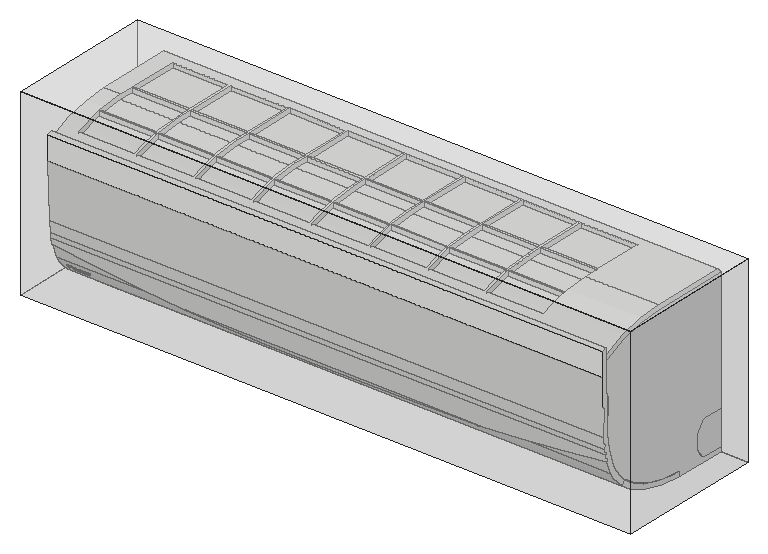
Revit family "outputfile", category 機械設備, Revit 2024
Family settings
  丸型コネクタ寸法 = 半径を使用
  パーツ タイプ = 標準
  OmniClass 番号 = 23.75.10.24.21.27.27
  OmniClass タイトル = Split System Air Conditioning Units
  作業面ベース = いいえ
  常に垂直 = はい
  ロード時にボイドで切り取り = いいえ
  注釈の向きを維持 = いいえ
  共有 = いいえ
  部屋計算ポイント = いいえ
Parameters (values of type "FTKM50Q2VMA")
  書き出し IFC クラス(タイプ) = "IfcUnitaryEquipmentType"
  定義済み IFC タイプ(タイプ) = "AIRCONDITIONINGUNIT"
  Cost = 0
  Type Comments = ""
  Keynote = ""
  Type Image = (empty or 0)
  Assembly Code = ""
  w_wall hole = if(Width = 770.0 mm, 48.0 mm, 60.0 mm)  # 60.0 mm
  製造元 = "Daikin"
  モデル = "FTKM50Q2VMA"
  switch_frequency = yes
  r_Liquid Pipe Size = Liquid Pipe Size / 2  # 3.2 mm
  r_Gas Pipe Size = Gas Pipe Size / 2  # 6.35 mm
  r_Drain Pipe Size = Drain Pipe Size / 2  # 8.0 mm
  lw_powersupply [instance] = if(Width = 770.0 mm, if(or(Rear Right Connection_refrigerant, Bottom Right Connection_refrigerant), 25.0 mm, if(or(Rear Left Connection_refrigerant, Bottom Left Connection_refrigerant), 745.0 mm, 400.0 mm)), if(Width = 990.0 mm, if(or(Rear Right Connection_refrigerant, Bottom Right Connection_refrigerant), 40.0 mm, if(or(Rear Left Connection_refrigerant, Bottom Left Connection_refrigerant), 920.0 mm, 400.0 mm)), if(or(Rear Right Connection_refrigerant, Bottom Right Connection_refrigerant), 40.0 mm, if(or(Rear Left Connection_refrigerant, Bottom Left Connection_refrigerant), 920.0 mm, 400.0 mm))))  # 400.0 mm
  lw_liquidpipe [instance] = if(Width = 770.0 mm, if(or(Rear Right Connection_refrigerant, Bottom Right Connection_refrigerant), 0.0 mm, if(or(Rear Left Connection_refrigerant, Bottom Left Connection_refrigerant), 664.0 mm, 385.0 mm)), if(Width = 990.0 mm, if(or(Rear Right Connection_refrigerant, Bottom Right Connection_refrigerant), 0.0 mm, if(or(Rear Left Connection_refrigerant, Bottom Left Connection_refrigerant), 664.0 mm + (990.0 mm - 770.0 mm), 475.0 mm)), if(or(Rear Right Connection_refrigerant, Bottom Right Connection_refrigerant), 0.0 mm, if(or(Rear Left Connection_refrigerant, Bottom Left Connection_refrigerant), 664.0 mm + (990.0 mm - 770.0 mm), 475.0 mm))))  # 475.0 mm
  lw_gaspipe [instance] = if(Width = 770.0 mm, if(or(Rear Right Connection_refrigerant, Bottom Right Connection_refrigerant), 0.0 mm, if(or(Rear Left Connection_refrigerant, Bottom Left Connection_refrigerant), 675.0 mm, if(Gas Pipe Size = 12.7 mm, 345.0 mm, 335.0 mm))), if(Width = 990.0 mm, if(or(Rear Right Connection_refrigerant, Bottom Right Connection_refrigerant), 10.0 mm, if(or(Rear Left Connection_refrigerant, Bottom Left Connection_refrigerant), 890.0 mm, if(Gas Pipe Size = 15.9 mm, 410.0 mm, 400.0 mm))), if(or(Rear Right Connection_refrigerant, Bottom Right Connection_refrigerant), 10.0 mm, if(or(Rear Left Connection_refrigerant, Bottom Left Connection_refrigerant), 890.0 mm, if(Gas Pipe Size = 15.9 mm, 410.0 mm, 400.0 mm)))))  # 400.0 mm
  lw_drainpipe [instance] = if(Width = 770.0 mm, if(or(Rear Right Connection_refrigerant, Bottom Right Connection_refrigerant), 0.0 mm, if(or(Rear Left Connection_refrigerant, Bottom Left Connection_refrigerant), 770.0 mm - 48.0 mm - 48.0 mm, 440.0 mm)), if(Width = 990.0 mm, if(or(Rear Right Connection_refrigerant, Bottom Right Connection_refrigerant), 0.0 mm, if(or(Rear Left Connection_refrigerant, Bottom Left Connection_refrigerant), 675.0 mm + (990.0 mm - 770.0 mm), 435.0 mm)), if(or(Rear Right Connection_refrigerant, Bottom Right Connection_refrigerant), 0.0 mm, if(or(Rear Left Connection_refrigerant, Bottom Left Connection_refrigerant), 675.0 mm + (990.0 mm - 770.0 mm), 435.0 mm))))  # 435.0 mm
  l_powersupply_length [instance] = if(Width = 770.0 mm, if(Right Connection_refrigerant, 400.0 mm, if(Left Connection_refrigerant, 770.0 mm - 400.0 mm, if(or(Rear Left Connection_refrigerant, Rear Right Connection_refrigerant), 15.0 mm, 50.0 mm))), if(Width = 990.0 mm, if(Right Connection_refrigerant, 400.0 mm, if(Left Connection_refrigerant, 990.0 mm - 400.0 mm, if(or(Rear Left Connection_refrigerant, Rear Right Connection_refrigerant), 15.0 mm, 50.0 mm))), if(Right Connection_refrigerant, 400.0 mm, if(Left Connection_refrigerant, 990.0 mm - 400.0 mm, if(or(Rear Left Connection_refrigerant, Rear Right Connection_refrigerant), 15.0 mm, 50.0 mm)))))  # 400.0 mm
  l_liquidpipe_length [instance] = if(Width = 770.0 mm, if(Right Connection_refrigerant, 433.0 mm, if(Left Connection_refrigerant, 337.0 mm, if(or(Rear Left Connection_refrigerant, Rear Right Connection_refrigerant), 30.0 mm, 40.0 mm))), if(Width = 990.0 mm, if(Right Connection_refrigerant, 535.0 mm, if(Left Connection_refrigerant, 455.0 mm, if(or(Rear Left Connection_refrigerant, Rear Right Connection_refrigerant), 30.0 mm, 40.0 mm))), if(Right Connection_refrigerant, 535.0 mm, if(Left Connection_refrigerant, 455.0 mm, if(or(Rear Left Connection_refrigerant, Rear Right Connection_refrigerant), 30.0 mm, 40.0 mm)))))  # 535.0 mm
  l_gaspipe_length [instance] = if(Width = 770.0 mm, if(Right Connection_refrigerant, if(Gas Pipe Size = 12.7 mm, 393.0 mm, 383.0 mm), if(Left Connection_refrigerant, if(Gas Pipe Size = 12.7 mm, 770.0 mm - 393.0 mm, 770.0 mm - 383.0 mm), if(or(Rear Left Connection_refrigerant, Rear Right Connection_refrigerant), 40.0 mm, 50.0 mm))), if(Width = 990.0 mm, if(Right Connection_refrigerant, if(Gas Pipe Size = 15.9 mm, 470.0 mm, 460.0 mm), if(Left Connection_refrigerant, if(Gas Pipe Size = 15.9 mm, 990.0 mm - 470.0 mm, 990.0 mm - 460.0 mm), if(or(Rear Left Connection_refrigerant, Rear Right Connection_refrigerant), 40.0 mm, 50.0 mm))), if(Right Connection_refrigerant, if(Gas Pipe Size = 15.9 mm, 470.0 mm, 460.0 mm), if(Left Connection_refrigerant, if(Gas Pipe Size = 15.9 mm, 990.0 mm - 470.0 mm, 990.0 mm - 460.0 mm), if(or(Rear Left Connection_refrigerant, Rear Right Connection_refrigerant), 40.0 mm, 50.0 mm)))))  # 460.0 mm
  l_drainpipe_length [instance] = if(Width = 770.0 mm, if(Right Connection_refrigerant, 488.0 mm, if(Left Connection_refrigerant, 282.0 mm, if(or(Rear Left Connection_refrigerant, Rear Right Connection_refrigerant), 15.0 mm, 20.0 mm))), if(Width = 990.0 mm, if(Right Connection_refrigerant, 495.0 mm, if(Left Connection_refrigerant, 495.0 mm, if(or(Rear Left Connection_refrigerant, Rear Right Connection_refrigerant), 15.0 mm, 20.0 mm))), if(Right Connection_refrigerant, 495.0 mm, if(Left Connection_refrigerant, 495.0 mm, if(or(Rear Left Connection_refrigerant, Rear Right Connection_refrigerant), 15.0 mm, 20.0 mm)))))  # 495.0 mm
  h*** = 0.0 mm  # constant formula
  connector_voltage = Voltage_50Hz  # 230 V
  connector_powerinput = [Power Input (Cooling)]  # 0.000 kW
  connector_phase = Phase_50Hz  # 1
  angle_vertical [instance] = if(or(Bottom Left Connection_refrigerant, Bottom Right Connection_refrigerant), 0.00°, 90.00°)  # 90.00°
  angle_horizontal [instance] = if(Right Connection_refrigerant, 90.00°, if(Left Connection_refrigerant, -90.00°, if(or(Rear Left Connection_refrigerant, Rear Right Connection_refrigerant), 180.00°, 0.00°)))  # 90.00°
  Width = 990.0 mm
  Voltage_comment_50Hz = "220 - 240"
  Voltage_50Hz = 230 V
  Version = "ver.1.0"
  Unit Type = "Wall Mounted"
  Unit Mass Weight = 13.00 kg
  Unit Designation [instance] = ""
  Uniclass2015Version = "Products v1.30"
  Uniclass2015Title = "Split coil room air conditioning units"
  Uniclass2015Code = "Pr_70_65_03_86"
  URL = ""
  Total Cooling Capacity [instance] = 0.000 kW
  Sound Pressure Level_M speed (dBA) = 40
  Sound Pressure Level_L speed (dBA) = 35
  Sound Pressure Level_H speed (dBA) = 45
  Sound Power Level_H speed (dB) = 0
  Series = "Single Split_Fan Coil Unit"
  Sensible Cooling Capacity [instance] = 0.000 kW
  Refrigerant Type = "R32"
  Power Input (Cooling) = 0.000 kW
  Phase_50Hz = 1
  Option Accessory 3 [instance] = ""
  Option Accessory 2 [instance] = ""
  Option Accessory 1 [instance] = ""
  Nominal Cooling Capacity = 5.000 kW
  Minimum Circuit Amps_50Hz = 0.0 A
  Minimum Airflow = 666.00 m³/h
  Median Airflow = 816.00 m³/h
  Maximum Fuse Amps_50Hz = 0.0 A
  Maximum Airflow = 960.00 m³/h
  Material_Casing = DAIKIN_PureWhite_Casing_indoorunit
  Load Classification = HVAC
  Liquid Pipe Size = 6.4 mm
  Link_Nested Family [instance] = ""
  IfcVersion = ""
  IfcExportType = "AIRCONDITIONINGUNIT"
  IfcExportAs = "IfcUnitaryEquipmentType"
  Height = 295.0 mm
  Heat Exchanger Type = "Cross Fin Coil"
  Gas Pipe Size = 12.7 mm
  Frequency_50Hz = 50 Hz
  Fan Type = "Cross Flow Fan"
  Fan Drive = "Direct Drive"
  FCU Tag No. [instance] = ""
  Drain Pipe Size = 16.0 mm
  Design Supply Airflow [instance] = 0.00 m³/h
  Description = ""
  Depth = 263.0 mm
  既定の高さ = 0.0 mm
  Cooling Entering Wet Bulb Temperature [instance] = 0.00 °C
  Cooling Entering Dry Bulb Temperature [instance] = 0.00 °C
  Cooling Ambient Wet Bulb Temperature [instance] = 0.00 °C
  Cooling Ambient Dry Bulb Temperature [instance] = 0.00 °C
  Clearance visibility [instance] = yes
  Clearance Top = 30.0 mm
  Clearance Right = 50.0 mm
  Clearance Rear = 0.0 mm
  Clearance Left = 50.0 mm
  Clearance Front = 0.0 mm
  Clearance Bottom = 0.0 mm
  Bottom Right Connection_refrigerant [instance] = no
  Bottom Left Connection_refrigerant [instance] = no
  Rear Right Connection_refrigerant [instance] = no
  Rear Left Connection_refrigerant [instance] = no
  Right Connection_refrigerant [instance] = yes
  Left Connection_refrigerant [instance] = no
Reference planes
  plane 1 "Back": y = 0
  plane 2: z = 0
  plane 3 "Center (Left/Right)": x = 0
  plane 4 "Center (Front/Back)": y = -131.5
  plane 5 "Front": y = -263
  plane 6 "Left": x = -495
  plane 7 "Right": x = 495
  plane 8 "Top": z = 0
  plane 9 "Bottom": z = -295
  plane 10: x = -545
  plane 11: x = 545
  plane 12: y = 0
  plane 13: y = -263
  plane 14: z = 30
  plane 15: z = -295
  plane 16 "lw_Piping and Wiring intake": x = 435
  plane 17 "lw_gaspipe": x = 35
  plane 18 "lw_liquidpipe": x = -40
  plane 19 "lw_drainpipe": x = 0
  plane 20 "lh_drainpipe": z = -275
  plane 21 "lh_liquidpipe": z = -255
  plane 22 "lh_gaspipe": z = -245
  plane 23 "ld_drainpipe": y = -15
  plane 24 "ld_liquidpipe": y = -30
  plane 25 "ld_gaspipe": y = -40
  plane 26 "lw_powersupply": x = 95
Dimensions and locks
  equal spacing: plane 6 "Left", plane 3 "Center (Left/Right)", plane 7 "Right"
  "Width": plane 6 "Left" to plane 7 "Right"
  equal spacing: plane 5 "Front", plane 4 "Center (Front/Back)", plane 1 "Back"
  "Depth": plane 5 "Front" to plane 1 "Back"
  "Height": plane 8 "Top" to plane 9 "Bottom"
  "Clearance Rear": plane 12 to plane 1 "Back"
  "Clearance Front": plane 13 to plane 5 "Front"
  "Clearance Top": plane 14 to plane 8 "Top"
  "Clearance Bottom": plane 9 "Bottom" to plane 15
  "w_wall hole": plane 16 "lw_Piping and Wiring intake" to plane 7 "Right"
  "lw_gaspipe": plane 17 "lw_gaspipe" to plane 16 "lw_Piping and Wiring intake"
  "lw_liquidpipe": plane 18 "lw_liquidpipe" to plane 16 "lw_Piping and Wiring intake"
  "lw_drainpipe": plane 19 "lw_drainpipe" to plane 16 "lw_Piping and Wiring intake"
  locked: plane 20 "lh_drainpipe" to plane 9 "Bottom" at 20
  locked: plane 21 "lh_liquidpipe" to plane 9 "Bottom" at 40
  locked: plane 22 "lh_gaspipe" to plane 9 "Bottom" at 50
  locked: plane 23 "ld_drainpipe" to plane 1 "Back" at 15
  locked: plane 1 "Back" to plane 24 "ld_liquidpipe" at 30
  locked: plane 1 "Back" to plane 25 "ld_gaspipe" at 40
  "lw_powersupply": plane 26 "lw_powersupply" to plane 7 "Right"
  "Clearance Right": plane 7 "Right" to plane 11
  "Clearance Left": plane 10 to plane 6 "Left"
  aligned and locked: level to plane 2
  aligned and locked: plane 12 to nested 1
  aligned and locked: nested 1 to plane 13
  aligned and locked: plane 10 to nested 1
  aligned and locked: plane 11 to nested 1
  aligned and locked: plane 15 to nested 1
  aligned and locked: plane 14 to nested 1
  aligned and locked: plane 17 "lw_gaspipe" to nested 2
  aligned and locked: nested 2 to plane 25 "ld_gaspipe"
  aligned and locked: plane 18 "lw_liquidpipe" to nested 3
  aligned and locked: nested 3 to plane 24 "ld_liquidpipe"
  aligned and locked: plane 19 "lw_drainpipe" to nested 4
  aligned and locked: nested 4 to plane 23 "ld_drainpipe"
  aligned and locked: nested 5 to plane 23 "ld_drainpipe"
  aligned and locked: plane 26 "lw_powersupply" to nested 5
  aligned and locked: level to plane 8 "Top"
  aligned and locked: plane 3 "Center (Left/Right)" to nested 6
  aligned and locked: plane 1 "Back" to nested 6
  aligned and locked: plane 8 "Top" to nested 6
Nested families
  nested 1: "daikin_clearancespace" at (0, -131.5, -132.381), show <- "Clearance visibility", visible <- "Clearance visibility", Link_Nested Family <- "Link_Nested Family", type "daikin_clearancespace"
    with width 1090.0 mm, show yes, height 325.0 mm, depth 263.0 mm, Link_Nested Family ""
  nested 2: "daikin_connector_rotate3" at (35, -40, -245), angle_vertical <- "angle_vertical", angle_horizontal <- "angle_horizontal", length <- "l_gaspipe_length", radius <- "r_Gas Pipe Size", type "daikin_connector_rotate3"
    with show no, radius 6.35 mm, length 460.0 mm, angle_vertical 90.00°, angle_horizontal 90.00°
  nested 3: "daikin_connector_rotate3" at (-40, -30, -255), angle_vertical <- "angle_vertical", angle_horizontal <- "angle_horizontal", radius <- "r_Liquid Pipe Size", length <- "l_liquidpipe_length", type "daikin_connector_rotate3"
    with show no, radius 3.2 mm, length 535.0 mm, angle_vertical 90.00°, angle_horizontal 90.00°
  nested 4: "daikin_connector_rotate3" at (0, -15, -275), angle_vertical <- "angle_vertical", angle_horizontal <- "angle_horizontal", length <- "l_drainpipe_length", radius <- "r_Drain Pipe Size", type "daikin_connector_rotate3"
    with show no, radius 8.0 mm, length 495.0 mm, angle_vertical 90.00°, angle_horizontal 90.00°
  nested 5: "daikin_connector_rotate3" at (95, -15, -245), angle_vertical <- "angle_vertical", angle_horizontal <- "angle_horizontal", length <- "l_powersupply_length", type "daikin_connector_rotate3"
    with show no, radius 10.0 mm, length 400.0 mm, angle_vertical 90.00°, angle_horizontal 90.00°
  nested 6: "DAIKIN_indoorunit_FTKM-Q2VMA" at (-31, 0, 0), type "FTKM-Q2VMA"
    with switch_unit1_50-71 yes, switch_unit1_20-46 no, Width 990.0 mm, WALL HOLE-R 60.0 mm, WALL HOLE Size 80.0 mm, Height 295.0 mm
Connectors
  piping at (495, -40, -245), diameter 12.7, driven by "r_Gas Pipe Size"
    settings: on nested 2, index 1, connector inside diameter 609.6 mm, connector length 0.0 mm, flow factor 0, pipe flow 0.00 m³/h, pressure drop 0.0 Pa, fitting loss kfactor 0, connector angle 0.00°, fixture units 0, engagement length 0.0 mm, angle of deflection 0.00°, flow configuration 1, flow direction 2, fitting loss method 0, system type 29, joint type 0, gender type 0, connector reference index -1, connector utility 0, adjustable connector no, is connector primary yes, connector description "Refrigerant Gas Piping"
  piping at (495, -30, -255), diameter 6.4, driven by "r_Liquid Pipe Size"
    settings: on nested 3, index 2, connector inside diameter 609.6 mm, connector length 0.0 mm, flow factor 0, pipe flow 0.00 m³/h, pressure drop 0.0 Pa, fitting loss kfactor 0, connector angle 0.00°, fixture units 0, engagement length 0.0 mm, angle of deflection 0.00°, flow configuration 1, flow direction 1, fitting loss method 0, system type 29, joint type 0, gender type 0, connector reference index -1, connector utility 0, adjustable connector no, is connector primary no, connector description "Refrigerant Liquid Piping"
  piping at (495, -15, -275), diameter 16, driven by "r_Drain Pipe Size"
    settings: on nested 4, index 3, connector inside diameter 609.6 mm, connector length 0.0 mm, flow factor 0, pipe flow 0.00 m³/h, pressure drop 0.0 Pa, fitting loss kfactor 0, connector angle 0.00°, fixture units 0, engagement length 0.0 mm, angle of deflection 0.00°, flow configuration 1, flow direction 2, fitting loss method 4, system type 16, joint type 0, gender type 0, connector reference index -1, connector utility 0, adjustable connector no, is connector primary no, connector description "Condensate Drain Piping"
  electrical at (495, -15, -245), driven by "Load Classification", driven by "connector_powerinput", driven by "connector_voltage", driven by "connector_phase"
    settings: on nested 5, index 4, voltage 230 V, apparent load 0 VA, apparent load phase1 0 VA, apparent load phase2 0 VA, apparent load phase3 0 VA, power factor 1, load classification "HVAC", number of poles 1, system type 30, power factor state 1, is connector primary yes, connector utility no, sub classification motor no, connector description "Power Supply"
Definition of nested family "daikin_clearancespace"
  Parameters (values of type "daikin_clearancespace")
    Description = "daikin_clearancespace"
    width [instance] = 1823.963 mm
    show [instance] = yes
    material = none
    height [instance] = 1359.762 mm
    depth [instance] = 880.0 mm
    Default Elevation = 0.0 mm
    Link_Nested Family [instance] = ""
  Reference planes
    plane 1 "Center (Front/Back)": y = 0
    plane 2 "Center (Elevation)": z = -0.119
    plane 3 "Center (Left/Right)": x = 0
    plane 4: y = 440
    plane 5: y = -440
    plane 6 "Right": x = 911.982
    plane 7 "Left": x = -911.982
    plane 8 "Top": z = 679.762
    plane 9 "Bottom": z = -680
  Forms (mm)
    Extrusion 1, solid, material <- "material", visible <- "show"
      sketch origin (0, 0, 0) x (1, 0, 0) y (0, 1, 0)
        loop
          line (-911.982, 440) -> (-911.982, -440) -> (911.982, -440) -> (911.982, 440) -> (-911.982, 440)
      from -680 to 679.762
  Lines and regions (mm)
    symbolic lines, visible <- "show"
      curve 1: line (911.982, 440, 0) -> (-911.982, 440, 0)
      curve 2: line (-911.982, 440, 0) -> (-911.982, -440, 0)
      curve 3: line (-911.982, -440, 0) -> (911.982, -440, 0)
      curve 4: line (911.982, -440, 0) -> (911.982, 440, 0)
      curve 5: line (911.982, 0, 679.762) -> (-911.982, 0, 679.762)
      curve 6: line (911.982, 0, -680) -> (911.982, 0, 679.762)
      curve 7: line (-911.982, 0, -680) -> (911.982, 0, -680)
      curve 8: line (-911.982, 0, 679.762) -> (-911.982, 0, -680)
      curve 9: line (0, 440, 679.762) -> (0, -440, 679.762)
      curve 10: line (0, -440, 679.762) -> (0, -440, -680)
      curve 11: line (0, 440, -680) -> (0, 440, 679.762)
      curve 12: line (0, -440, -680) -> (0, 440, -680)
  Dimensions and locks
    "width": plane 7 "Left" to plane 6 "Right"
    "depth": plane 4 to plane 5
    "height": plane 8 "Top" to plane 9 "Bottom"
    equal spacing: plane 7 "Left", plane 3 "Center (Left/Right)", plane 6 "Right"
    equal spacing: plane 4, plane 1 "Center (Front/Back)", plane 5
    equal spacing: plane 8 "Top", plane 2 "Center (Elevation)", plane 9 "Bottom"
    aligned and locked: level to plane 2 "Center (Elevation)"
    aligned and locked: Extrusion 1 sketch curve to plane 4
    aligned and locked: plane 7 "Left" to Extrusion 1 sketch curve
    aligned and locked: Extrusion 1 sketch curve to plane 5
    aligned and locked: Extrusion 1 sketch curve to plane 6 "Right"
    aligned and locked: plane 8 "Top" to Extrusion 1
    aligned and locked: curve 1 to Extrusion 1
    aligned and locked: curve 2 to Extrusion 1
    aligned and locked: curve 3 to Extrusion 1
    aligned and locked: curve 4 to Extrusion 1
    aligned and locked: curve 5 to Extrusion 1
    aligned and locked: curve 6 to Extrusion 1
    aligned and locked: curve 7 to Extrusion 1
    aligned and locked: curve 8 to Extrusion 1
    aligned and locked: curve 9 to Extrusion 1
    aligned and locked: curve 10 to Extrusion 1
    aligned and locked: curve 11 to Extrusion 1
    aligned and locked: curve 12 to Extrusion 1
    aligned and locked: Extrusion 1 to plane 9 "Bottom"
Definition of nested family "DAIKIN_indoorunit_FTKM-Q2VMA"
  Parameters (values of type "FTKM-QVMA")
    switch_unit1_50-71 = Width = 990.0 mm  # no
    switch_unit1_20-46 = Width = 770.0 mm  # yes
    Width = 770.0 mm
    WALL HOLE-R = if(Width = 770.0 mm, 48.0 mm, 60.0 mm)  # 48.0 mm
    WALL HOLE Size = if(Width = 770.0 mm, 65.0 mm, 80.0 mm)  # 65.0 mm
    Material_Casing = none
    Height = if(Width = 770.0 mm, 285.0 mm, 295.0 mm)  # 285.0 mm
    Default Elevation = 0.0 mm
  Reference planes
    plane 1 "Center (Front/Back)": y = 0
    plane 2 "reference_level": z = 0
    plane 3 "Center (Left/Right)": x = 31
    plane 4: x = -354
    plane 5: x = 416
    plane 6: z = -285
  Forms (mm)
    Extrusion 1, solid, material <- "Material_Casing", visible <- "switch_unit1_20-46"
      sketch origin (29, 0, 0) x (0, 1, 0) y (0, 0, 1)
        loop
          line (-5, 0) -> (-98, 0)
          arc (-98, 0) -> (-157.611, -7.211) -> (-213.783, -28.427) r 250
          arc (-213.783, -28.427) -> (-213.842, -32.972) -> (-213.892, -37.516) r 2191
          arc (-213.892, -37.516) -> (-157.832, -15.495) -> (-98.07, -8) r 242
          line (-98.07, -8) -> (0, -8) -> (-5, 0)
      from -383 to 387
    Extrusion 2, solid, material <- "Material_Casing", visible <- "switch_unit1_20-46"
      sketch origin (416, 1296.25, 1200) x (0, 1, 0) y (0, 0, 1)
        loop
          line (-1472.998, -1446.91) -> (-1476.998, -1453.839)
          arc (-1476.998, -1453.839) -> (-1437.481, -1472.422) -> (-1395.25, -1483.538) r 240
          line (-1395.25, -1483.538) -> (-1395.25, -1475.422)
          arc (-1395.25, -1475.422) -> (-1435.407, -1464.663) -> (-1472.998, -1446.91) r 232
      from 0 to -47.5
    Extrusion 3, solid, material <- "Material_Casing", visible <- "switch_unit1_20-46"
      sketch origin (29, 0, 0) x (0, 1, 0) y (0, 0, 1)
        loop
          arc (-223, -60.455) -> (-222.414, -110.646) -> (-220.656, -160.81) r 2149.92
          arc (-220.656, -160.81) -> (-219.65, -174.299) -> (-217.853, -187.706) r 229.911
          arc (-217.853, -187.706) -> (-205.371, -223.594) -> (-181.517, -253.17) r 111
          line (-181.517, -253.17) -> (-177.429, -246.093)
          arc (-177.429, -246.093) -> (-198.77, -218.989) -> (-209.965, -186.36) r 103
          arc (-209.965, -186.36) -> (-211.681, -173.586) -> (-212.651, -160.735) r 221.844
          arc (-212.651, -160.735) -> (-214.739, -93.233) -> (-214.74, -25.699) r 2186.828
          arc (-214.74, -25.699) -> (-214.671, -21.467) -> (-214.594, -17.235) r 2192
          line (-214.594, -17.235) -> (-223, -19.961) -> (-223, -60.455)
      from -383 to 387
    Extrusion 4, solid, material <- "Material_Casing", visible <- "switch_unit1_20-46"
      sketch origin (29, 0, 0) x (0, 1, 0) y (0, 0, 1)
        loop
          line (-181.517, -253.17) -> (-179.597, -249.846)
          arc (-179.597, -249.846) -> (-202.009, -221.399) -> (-213.189, -186.952) r 103
          line (-213.189, -186.952) -> (-217.853, -187.706)
          arc (-217.853, -187.706) -> (-217.533, -189.556) -> (-217.182, -191.4) r 111
          arc (-217.182, -191.4) -> (-213.806, -208.181) -> (-210.362, -224.948) r 4257.809
          arc (-210.362, -224.948) -> (-198.886, -237.857) -> (-186.225, -249.607) r 180
          line (-186.225, -249.607) -> (-181.517, -253.17)
      from -383 to 387
    Extrusion 5, solid, material <- "Material_Casing", visible <- "switch_unit1_20-46"
      sketch origin (29, 0, -20) x (0, 1, 0) y (0, 0, 1)
        loop
          line (0, -265) -> (0, 12) -> (-98.07, 12)
          arc (-98.07, 12) -> (-157.832, 4.505) -> (-213.892, -17.516) r 242
          arc (-213.892, -17.516) -> (-213.638, -79.114) -> (-211.653, -140.681) r 2191
          arc (-211.653, -140.681) -> (-210.685, -153.501) -> (-208.973, -166.243) r 221
          arc (-208.973, -166.243) -> (-197.471, -199.282) -> (-175.482, -226.491) r 102
          arc (-175.482, -226.491) -> (-138.004, -244.019) -> (-98, -254.579) r 231
          line (-98, -254.579) -> (-98, -265) -> (0, -265)
      from -383 to 387
    Extrusion 6, solid, material <- "Material_Casing", visible <- "switch_unit1_20-46"
      sketch origin (-354, 1296.25, 1200) x (0, 1, 0) y (0, 0, 1)
        loop
          line (-1472.998, -1446.91) -> (-1476.998, -1453.839)
          arc (-1476.998, -1453.839) -> (-1437.481, -1472.422) -> (-1395.25, -1483.538) r 240
          line (-1395.25, -1483.538) -> (-1395.25, -1475.422)
          arc (-1395.25, -1475.422) -> (-1435.407, -1464.663) -> (-1472.998, -1446.91) r 232
      from 47 to 0
    Extrusion 7, solid, material <- "Material_Casing", visible <- "switch_unit1_20-46"
      sketch origin (416, 1296.25, 1200) x (0, 1, 0) y (0, 0, 1)
        loop
          line (-1472.998, -1446.91) -> (-1476.998, -1453.839)
          arc (-1476.998, -1453.839) -> (-1443.437, -1470.168) -> (-1407.75, -1481.097) r 240
          line (-1407.75, -1481.097) -> (-1407.75, -1472.894)
          arc (-1407.75, -1472.894) -> (-1441.363, -1462.385) -> (-1472.998, -1446.91) r 232
      from -116.993 to -48.493
    Extrusion 8, solid, material <- "Material_Casing", visible <- "switch_unit1_20-46"
      sketch origin (416, 1296.25, 1200) x (0, 1, 0) y (0, 0, 1)
        loop
          line (-1472.998, -1446.91) -> (-1476.998, -1453.839)
          arc (-1476.998, -1453.839) -> (-1443.437, -1470.168) -> (-1407.75, -1481.097) r 240
          line (-1407.75, -1481.097) -> (-1407.75, -1472.894)
          arc (-1407.75, -1472.894) -> (-1441.363, -1462.385) -> (-1472.998, -1446.91) r 232
      from -717 to -121.993
    Extrusion 9, void
      sketch origin (31, 0, -235) x (1, 0, 0) y (0, 1, 0)
        loop
          line (-252.674, -22.316) -> (-354.941, -22.316) -> (-354.941, -91.341) -> (-252.674, -91.341) -> (-252.674, -22.316)
        loop
          line (-249.341, -91.341) -> (-151.574, -91.341) -> (-151.574, -22.316) -> (-249.341, -22.316) -> (-249.341, -91.341)
        loop
          line (58.309, -22.316) -> (-148.309, -22.316) -> (-148.309, -91.341) -> (58.309, -91.341) -> (58.309, -22.316)
        loop
          line (61.689, -22.316) -> (61.689, -91.341) -> (159.457, -91.341) -> (159.457, -22.316) -> (61.689, -22.316)
        loop
          line (162.789, -22.316) -> (162.789, -91.341) -> (265.057, -91.341) -> (265.057, -22.316) -> (162.789, -22.316)
        loop
          line (-354.941, -94.659) -> (-354.941, -165.259) -> (-252.674, -165.259) -> (-252.674, -94.659) -> (-354.941, -94.659)
        loop
          line (-249.341, -94.659) -> (-249.341, -165.259) -> (-151.574, -165.259) -> (-151.574, -94.659) -> (-249.341, -94.659)
        loop
          line (-148.309, -94.659) -> (-148.309, -165.259) -> (58.309, -165.259) -> (58.309, -94.659) -> (-148.309, -94.659)
        loop
          line (61.689, -94.659) -> (61.689, -165.259) -> (159.457, -165.259) -> (159.457, -94.659) -> (61.689, -94.659)
        loop
          line (162.789, -94.659) -> (162.789, -165.259) -> (265.057, -165.259) -> (265.057, -94.659) -> (162.789, -94.659)
        loop
          line (-354.941, -167.382) -> (-354.941, -192.681) -> (-252.674, -192.681) -> (-252.674, -167.382) -> (-354.941, -167.382)
        loop
          line (-249.341, -167.382) -> (-249.341, -192.681) -> (-151.574, -192.681) -> (-151.574, -167.382) -> (-249.341, -167.382)
        loop
          line (-148.309, -167.382) -> (-148.309, -192.681) -> (58.309, -192.681) -> (58.309, -167.382) -> (-148.309, -167.382)
        loop
          line (159.457, -167.382) -> (61.689, -167.382) -> (61.689, -192.681) -> (159.457, -192.681) -> (159.457, -167.382)
        loop
          line (265.057, -167.382) -> (162.789, -167.382) -> (162.789, -192.681) -> (265.057, -192.681) -> (265.057, -167.382)
      from 201.638 to 250
    Extrusion 10, void
      sketch origin (31, 0, 0) x (1, 0, 0) y (0, 0, 1)
        loop
          arc (597, -174.907) -> (0.056, -245.263) -> (-597, -175.856) r 2585.042
          line (-597, -175.856) -> (-597, -352.872) -> (597, -352.872) -> (597, -174.907)
      from 173 to 315.3
    Extrusion 11, solid, material <- "Material_Casing"
      sketch origin (31, 0, 0) x (1, 0, 0) y (0, 0, 1)
        loop
          circle (337, -240.5) r 32.5
        loop
          circle (-337, -240.5) r 32.5
      from 0 to 5
    Extrusion 12, solid, material <- "Material_Casing", visible <- "switch_unit1_20-46"
      sketch origin (416, 1296.25, 1200) x (0, -1, 0) y (0, 0, 1)
        loop
          line (1326.25, -1417) -> (1296.25, -1417) -> (1296.25, -1477) -> (1326.25, -1477)
          arc (1326.25, -1477) -> (1340.393, -1471.142) -> (1346.25, -1457) r 20
          line (1346.25, -1457) -> (1346.25, -1437)
          arc (1346.25, -1437) -> (1340.393, -1422.858) -> (1326.25, -1417) r 20
      from 0 to 5
    Extrusion 13, solid, material <- "Material_Casing", visible <- "switch_unit1_20-46"
      sketch origin (-354, 1296.25, 1200) x (0, 1, 0) y (0, 0, 1)
        loop
          line (-1296.25, -1417) -> (-1326.25, -1417)
          arc (-1326.25, -1417) -> (-1340.393, -1422.858) -> (-1346.25, -1437) r 20
          line (-1346.25, -1437) -> (-1346.25, -1457)
          arc (-1346.25, -1457) -> (-1340.393, -1471.142) -> (-1326.25, -1477) r 20
          line (-1326.25, -1477) -> (-1296.25, -1477) -> (-1296.25, -1417)
      from 0 to 5
    Extrusion 14, solid, material <- "Material_Casing", visible <- "switch_unit1_20-46"
      sketch origin (31, 0, -285) x (-1, 0, 0) y (0, -1, 0)
        loop
          line (-314, 0) -> (-314, 30)
          arc (-314, 30) -> (-319.858, 44.142) -> (-334, 50) r 20
          line (-334, 50) -> (-354, 50)
          arc (-354, 50) -> (-368.142, 44.142) -> (-374, 30) r 20
          line (-374, 30) -> (-374, 0) -> (-314, 0)
        loop
          line (374, 0) -> (374, 30)
          arc (374, 30) -> (368.142, 44.142) -> (354, 50) r 20
          line (354, 50) -> (334, 50)
          arc (334, 50) -> (319.858, 44.142) -> (314, 30) r 20
          line (314, 30) -> (314, 0) -> (374, 0)
      from 0 to 5
    Extrusion 15, solid, material <- "Material_Casing", visible <- "switch_unit1_50-71"
      sketch origin (31, 0, 0) x (0, 1, 0) y (0, 0, 1)
        loop
          line (-5, 0) -> (-138, 0)
          arc (-138, 0) -> (-197.611, -7.211) -> (-253.783, -28.427) r 250
          arc (-253.783, -28.427) -> (-253.838, -32.687) -> (-253.886, -36.946) r 2191
          arc (-253.886, -36.946) -> (-197.73, -15.346) -> (-138.014, -8) r 246.393
          line (-138.014, -8) -> (0, -8) -> (-5, 0)
      from -495 to 495
    Extrusion 16, solid, material <- "Material_Casing", visible <- "switch_unit1_50-71"
      sketch origin (418, 1296.25, 1200) x (0, 1, 0) y (0, 0, 1)
        loop
          arc (-1515.208, -1454.149) -> (-1506.856, -1460.599) -> (-1497.925, -1466.219) r 110
          arc (-1497.925, -1466.219) -> (-1445.718, -1487.493) -> (-1389.844, -1494.995) r 223
          line (-1389.844, -1494.995) -> (-1389.844, -1486.086) -> (-1404.386, -1486.086)
          arc (-1404.386, -1486.086) -> (-1449.542, -1477.46) -> (-1491.818, -1459.402) r 214.289
          arc (-1491.818, -1459.402) -> (-1501.056, -1453.541) -> (-1509.606, -1446.715) r 101
          line (-1509.606, -1446.715) -> (-1515.208, -1454.149)
      from 108 to 57.5
    Extrusion 17, solid, material <- "Material_Casing", visible <- "switch_unit1_50-71"
      sketch origin (31, 0, 0) x (0, 1, 0) y (0, 0, 1)
        loop
          line (-263, -19.962) -> (-263, -61.6)
          arc (-263, -61.6) -> (-262.414, -110.219) -> (-260.656, -158.81) r 2017.341
          arc (-260.656, -158.81) -> (-255.648, -191.935) -> (-244.041, -223.362) r 164.725
          arc (-244.041, -223.362) -> (-233.569, -239.793) -> (-219.717, -253.495) r 87.379
          line (-219.717, -253.495) -> (-214.706, -246.846)
          arc (-214.706, -246.846) -> (-229.564, -230.029) -> (-240.385, -210.371) r 102
          arc (-240.385, -210.371) -> (-249.049, -182.962) -> (-252.848, -154.467) r 165.789
          arc (-252.848, -154.467) -> (-254.771, -90.102) -> (-254.74, -25.708) r 2122.533
          arc (-254.74, -25.708) -> (-254.671, -21.469) -> (-254.594, -17.23) r 2192
          line (-254.594, -17.23) -> (-263, -19.962)
      from -495 to 495
    Extrusion 18, void
      sketch origin (33, 0, 0) x (1, 0, 0) y (0, 1, 0)
        loop
          line (-466.909, -22.316) -> (-466.909, -111.341) -> (-366.303, -111.341) -> (-366.303, -22.316) -> (-466.909, -22.316)
        loop
          line (-362.71, -22.316) -> (-362.71, -111.341) -> (-262.103, -111.341) -> (-262.103, -22.316) -> (-362.71, -22.316)
        loop
          line (-258.51, -22.316) -> (-258.51, -111.341) -> (-157.904, -111.341) -> (-157.904, -22.316) -> (-258.51, -22.316)
        loop
          line (-154.31, -22.316) -> (-154.31, -111.341) -> (-53.704, -111.341) -> (-53.704, -22.316) -> (-154.31, -22.316)
        loop
          line (-50.11, -22.316) -> (-50.11, -111.341) -> (50.496, -111.341) -> (50.496, -22.316) -> (-50.11, -22.316)
        loop
          line (54.089, -22.316) -> (54.089, -111.341) -> (154.696, -111.341) -> (154.696, -22.316) -> (54.089, -22.316)
        loop
          line (158.289, -22.316) -> (158.289, -111.341) -> (258.895, -111.341) -> (258.895, -22.316) -> (158.289, -22.316)
        loop
          line (262.489, -22.316) -> (262.489, -111.341) -> (363.095, -111.341) -> (363.095, -22.316) -> (262.489, -22.316)
        loop
          line (-466.909, -114.459) -> (-466.909, -185.059) -> (-366.303, -185.059) -> (-366.303, -114.459) -> (-466.909, -114.459)
        loop
          line (-362.71, -114.459) -> (-362.71, -185.059) -> (-262.103, -185.059) -> (-262.103, -114.459) -> (-362.71, -114.459)
        loop
          line (-258.51, -114.459) -> (-258.51, -185.059) -> (-157.904, -185.059) -> (-157.904, -114.459) -> (-258.51, -114.459)
        loop
          line (-154.31, -114.459) -> (-154.31, -185.059) -> (-53.704, -185.059) -> (-53.704, -114.459) -> (-154.31, -114.459)
        loop
          line (-50.11, -114.459) -> (-50.11, -185.059) -> (50.496, -185.059) -> (50.496, -114.459) -> (-50.11, -114.459)
        loop
          line (54.089, -114.459) -> (54.089, -185.059) -> (154.696, -185.059) -> (154.696, -114.459) -> (54.089, -114.459)
        loop
          line (158.289, -114.459) -> (158.289, -185.059) -> (258.895, -185.059) -> (258.895, -114.459) -> (158.289, -114.459)
        loop
          line (262.489, -114.459) -> (262.489, -185.059) -> (363.095, -185.059) -> (363.095, -114.459) -> (262.489, -114.459)
        loop
          line (-466.909, -187.382) -> (-466.909, -232.681) -> (-366.303, -232.681) -> (-366.303, -187.382) -> (-466.909, -187.382)
        loop
          line (-362.71, -187.382) -> (-362.71, -232.681) -> (-262.103, -232.681) -> (-262.103, -187.382) -> (-362.71, -187.382)
        loop
          line (-258.51, -187.382) -> (-258.51, -232.681) -> (-157.904, -232.681) -> (-157.904, -187.382) -> (-258.51, -187.382)
        loop
          line (-154.31, -187.382) -> (-154.31, -232.681) -> (-53.704, -232.681) -> (-53.704, -187.382) -> (-154.31, -187.382)
        loop
          line (-50.11, -187.382) -> (-50.11, -232.681) -> (50.496, -232.681) -> (50.496, -187.382) -> (-50.11, -187.382)
        loop
          line (54.089, -187.382) -> (54.089, -232.681) -> (154.696, -232.681) -> (154.696, -187.382) -> (54.089, -187.382)
        loop
          line (158.289, -187.382) -> (158.289, -232.681) -> (258.895, -232.681) -> (258.895, -187.382) -> (158.289, -187.382)
        loop
          line (262.489, -187.382) -> (262.489, -232.681) -> (363.095, -232.681) -> (363.095, -187.382) -> (262.489, -187.382)
      from -40.013 to 47.268
    Extrusion 19, void
      sketch origin (33, 0, 2300) x (1, 0, 0) y (0, 0, 1)
        loop
          line (705, -2672.872) -> (705, -2462.4)
          arc (705, -2462.4) -> (-2.043, -2534.819) -> (-709, -2461.567) r 3467.757
          line (-709, -2461.567) -> (-709, -2672.872) -> (705, -2672.872)
      from 173 to 315.3
    Extrusion 20, solid, material <- "Material_Casing", visible <- "switch_unit1_50-71"
      sketch origin (-356, 1296.25, 1200) x (0, 1, 0) y (0, 0, -1)
        loop
          line (-1515.208, 1454.149) -> (-1509.606, 1446.715)
          arc (-1509.606, 1446.715) -> (-1501.056, 1453.541) -> (-1491.818, 1459.402) r 101
          arc (-1491.818, 1459.402) -> (-1449.542, 1477.46) -> (-1404.386, 1486.086) r 214.289
          line (-1404.386, 1486.086) -> (-1389.844, 1486.086) -> (-1389.844, 1494.995)
          arc (-1389.844, 1494.995) -> (-1445.718, 1487.493) -> (-1497.925, 1466.219) r 223
          arc (-1497.925, 1466.219) -> (-1506.856, 1460.599) -> (-1515.208, 1454.149) r 110
      from 108 to 61
    Extrusion 21, solid, material <- "Material_Casing", visible <- "switch_unit1_50-71"
      sketch origin (418, 1296.25, 1200) x (0, 1, 0) y (0, 0, 1)
        loop
          arc (-1515.208, -1454.149) -> (-1506.856, -1460.599) -> (-1497.925, -1466.219) r 110
          arc (-1497.925, -1466.219) -> (-1463.185, -1482.066) -> (-1426.25, -1491.755) r 223
          line (-1426.25, -1491.755) -> (-1426.25, -1483.166)
          arc (-1426.25, -1483.166) -> (-1460.008, -1473.969) -> (-1491.818, -1459.402) r 214.289
          arc (-1491.818, -1459.402) -> (-1501.056, -1453.541) -> (-1509.606, -1446.715) r 101
          line (-1509.606, -1446.715) -> (-1515.208, -1454.149)
      from 56.5 to -36.993
    Extrusion 22, solid, material <- "Material_Casing", visible <- "switch_unit1_50-71"
      sketch origin (418, 1296.25, 1200) x (0, 1, 0) y (0, 0, 1)
        loop
          arc (-1426.25, -1483.166) -> (-1443.442, -1479.224) -> (-1460.25, -1473.881) r 214.289
          line (-1460.25, -1473.881) -> (-1460.25, -1483.089)
          arc (-1460.25, -1483.089) -> (-1443.421, -1488.091) -> (-1426.25, -1491.755) r 223
          line (-1426.25, -1491.755) -> (-1426.25, -1483.166)
      from -43.493 to -828.893
    Extrusion 23, solid, material <- "Material_Casing", visible <- "switch_unit1_50-71"
      sketch origin (418, 1296.25, 1200) x (0, 1, 0) y (0, 0, 1)
        loop
          arc (-1515.208, -1454.149) -> (-1506.856, -1460.599) -> (-1497.925, -1466.219) r 110
          arc (-1497.925, -1466.219) -> (-1479.479, -1475.527) -> (-1460.25, -1483.089) r 223
          line (-1460.25, -1483.089) -> (-1460.25, -1473.881)
          arc (-1460.25, -1473.881) -> (-1476.328, -1467.282) -> (-1491.818, -1459.402) r 214.289
          arc (-1491.818, -1459.402) -> (-1501.056, -1453.541) -> (-1509.606, -1446.715) r 101
          line (-1509.606, -1446.715) -> (-1515.208, -1454.149)
      from -43.493 to -828.893
    Extrusion 24, solid, material <- "Material_Casing", visible <- "switch_unit1_50-71"
      sketch origin (31, 0, 0) x (0, 1, 0) y (0, 0, 1)
        loop
          arc (-217.78, -250.924) -> (-234.088, -233.307) -> (-245.826, -212.366) r 102
          arc (-245.826, -212.366) -> (-251.608, -196.062) -> (-255.659, -179.245) r 165.789
          line (-255.659, -179.245) -> (-258.299, -179.737)
          arc (-258.299, -179.737) -> (-257.524, -183.799) -> (-256.646, -187.84) r 164.725
          arc (-256.646, -187.84) -> (-252.868, -206.25) -> (-249.973, -224.82) r 393.089
          arc (-249.973, -224.82) -> (-239.237, -236.969) -> (-227.451, -248.102) r 180
          arc (-227.451, -248.102) -> (-223.723, -250.998) -> (-219.717, -253.495) r 45.878
          line (-219.717, -253.495) -> (-217.78, -250.924)
      from -495 to 495
    Extrusion 25, solid, material <- "Material_Casing", visible <- "switch_unit1_50-71"
      sketch origin (31, 0, -30) x (0, 1, 0) y (0, 0, 1)
        loop
          line (0, 22) -> (-138.014, 22)
          arc (-138.014, 22) -> (-197.73, 14.654) -> (-253.886, -6.946) r 246.393
          arc (-253.886, -6.946) -> (-253.682, -65.635) -> (-251.855, -124.295) r 2120.935
          arc (-251.855, -124.295) -> (-248.086, -152.682) -> (-239.461, -179.988) r 164.789
          arc (-239.461, -179.988) -> (-228.903, -199.231) -> (-214.437, -215.738) r 101
          line (-214.437, -215.738) -> (-212.406, -216.221)
          arc (-212.406, -216.221) -> (-204.07, -222.837) -> (-195.079, -228.53) r 100
          arc (-195.079, -228.53) -> (-145.557, -248.629) -> (-92.593, -255.785) r 213.289
          line (-92.593, -255.785) -> (-92.593, -265) -> (0, -265) -> (0, 22)
      from -495 to 495
    Extrusion 26, solid, material <- "Material_Casing", visible <- "switch_unit1_50-71"
      sketch origin (526, 1296.25, 1200) x (0, -1, 0) y (0, 0, 1)
        loop
          line (1326.25, -1427.035) -> (1296.25, -1427.035) -> (1296.25, -1487.035) -> (1326.25, -1487.035)
          arc (1326.25, -1487.035) -> (1340.393, -1481.177) -> (1346.25, -1467.035) r 20
          line (1346.25, -1467.035) -> (1346.25, -1447.035)
          arc (1346.25, -1447.035) -> (1340.393, -1432.892) -> (1326.25, -1427.035) r 20
      from 0 to 5
    Extrusion 27, solid, material <- "Material_Casing", visible <- "switch_unit1_50-71"
      sketch origin (-459, 1296.25, 1200) x (0, -1, 0) y (0, 0, 1)
        loop
          line (1326.25, -1427.035) -> (1296.25, -1427.035) -> (1296.25, -1487.035) -> (1326.25, -1487.035)
          arc (1326.25, -1487.035) -> (1340.393, -1481.177) -> (1346.25, -1467.035) r 20
          line (1346.25, -1467.035) -> (1346.25, -1447.035)
          arc (1346.25, -1447.035) -> (1340.393, -1432.892) -> (1326.25, -1427.035) r 20
      from 0 to 5
    Extrusion 28, solid, material <- "Material_Casing", visible <- "switch_unit1_50-71"
      sketch origin (31, 200, -295) x (-1, 0, 0) y (0, -1, 0)
        loop
          line (469, 200) -> (469, 230)
          arc (469, 230) -> (463.142, 244.142) -> (449, 250) r 20
          line (449, 250) -> (429, 250)
          arc (429, 250) -> (414.858, 244.142) -> (409, 230) r 20
          line (409, 230) -> (409, 200) -> (469, 200)
        loop
          line (-469, 200) -> (-409, 200) -> (-409, 230)
          arc (-409, 230) -> (-414.858, 244.142) -> (-429, 250) r 20
          line (-429, 250) -> (-449, 250)
          arc (-449, 250) -> (-463.142, 244.142) -> (-469, 230) r 20
          line (-469, 230) -> (-469, 200)
      from 0 to 5
  Cuts and joins
    Extrusion 9 cuts Extrusion 1
    Extrusion 10 cuts Extrusion 4
    joined: Extrusion 3, Extrusion 4
    Extrusion 18 cuts Extrusion 15
    Extrusion 19 cuts Extrusion 24
    joined: Extrusion 17, Extrusion 24
  Lines and regions (mm)
    reference lines
      curve 1: line (-523, -201.911, -229.404) -> (-523, -193.542, -239.977)
      curve 2: line (-523, -240.779, -229.404) -> (-523, -232.411, -239.977)
  Dimensions and locks
    locked: Extrusion 10 sketch curve to Extrusion 10 sketch curve at 1194
    Extrusion 10 sketch curve to Extrusion 10 sketch curve = 1194.0 mm
    locked: Extrusion 12 sketch curve to Extrusion 12 sketch curve at 60
    locked: Extrusion 12 sketch curve to Extrusion 12 sketch curve at 50
    locked: Extrusion 14 sketch curve to Extrusion 14 sketch curve at 60  (x2)
    locked: Extrusion 14 sketch curve to Extrusion 14 sketch curve at 50
    equal spacing: plane 5, plane 3 "Center (Left/Right)", plane 4
    "Width": plane 5 to plane 4
    locked: Extrusion 11 sketch curve to plane 4 at 48
    "WALL HOLE-R": plane 5 to Extrusion 11 sketch curve
    "Height": plane 2 "reference_level" to plane 6
    locked: Extrusion 11 sketch curve to plane 6 at 44.5  (x2)
    locked: cut or joined group of Extrusion 3, Extrusion 4, Extrusion 10 to nested 1 at 15
    locked: Extrusion 17 to nested 2 at 15
    locked: Extrusion 26 sketch curve to Extrusion 26 sketch curve at 60
    locked: Extrusion 26 sketch curve to Extrusion 26 sketch curve at 50
    locked: Extrusion 27 sketch curve to Extrusion 27 sketch curve at 60
    locked: Extrusion 27 sketch curve to Extrusion 27 sketch curve at 50
    locked: Extrusion 28 sketch curve to Extrusion 28 sketch curve at 60  (x2)
    locked: Extrusion 28 sketch curve to Extrusion 28 sketch curve at 50  (x2)
    "WALL HOLE Size": diameter of Extrusion 11 sketch curve  (x2)
    aligned and locked: level to plane 2 "reference_level"
    aligned and locked: nested 1 to curve 1
    aligned and locked: Extrusion 13 sketch curve to Extrusion 12  (x4)
    aligned and locked: Extrusion 14 sketch curve to Extrusion 14 sketch curve  (x2)
    aligned and locked: Extrusion 11 to plane 1 "Center (Front/Back)"
    aligned and locked: nested 2 to curve 2
  Automatic sketch dimensions
    Extrusion 10 sketch curve to plane 3 "Center (Left/Right)" = 597.0 mm
    Extrusion 10 sketch curve to plane 3 "Center (Left/Right)" = 2.0 mm
    Extrusion 10 sketch curve to level = 352.872 mm
    Extrusion 10 sketch curve to level = 175.856 mm
    Extrusion 10 sketch curve to level = 174.907 mm
    curve 1 to level = 239.977 mm
    plane 1 "Center (Front/Back)" to curve 1 = 193.542 mm
    curve 2 to curve 1 = 0.0 mm
    curve 2 to curve 2 = 10.573 mm
    curve 1 to curve 1 = 10.573 mm
    curve 1 to curve 1 = 8.368 mm
    curve 1 to curve 2 = 30.5 mm
    curve 2 to curve 2 = 8.368 mm
    Extrusion 19 sketch curve to plane 3 "Center (Left/Right)" = 707.0 mm
    plane 3 "Center (Left/Right)" to Extrusion 19 sketch curve = 2.0 mm
    plane 3 "Center (Left/Right)" to Extrusion 19 sketch curve = 707.0 mm
    Extrusion 19 sketch curve to level = 372.872 mm
    Extrusion 19 sketch curve to level = 162.4 mm
    Extrusion 19 sketch curve to level = 161.567 mm
    Extrusion 1 sketch curve to level = 0.0 mm
    Extrusion 1 sketch curve to plane 1 "Center (Front/Back)" = 0.0 mm
    plane 1 "Center (Front/Back)" to Extrusion 1 sketch curve = 5.0 mm
    plane 1 "Center (Front/Back)" to Extrusion 1 sketch curve = 98.0 mm
    Extrusion 1 sketch curve to Extrusion 1 sketch curve = 0.07 mm
    Extrusion 1 sketch curve to level = 59.292 mm
    Extrusion 1 sketch curve to plane 1 "Center (Front/Back)" = 1977.0 mm
    Extrusion 1 sketch curve to level = 250.0 mm
    Extrusion 1 sketch curve to Extrusion 1 sketch curve = 0.0 mm
    Extrusion 1 sketch curve to level = 8.0 mm
    Extrusion 1 sketch curve to level = 28.427 mm
    plane 1 "Center (Front/Back)" to Extrusion 2 sketch curve = 180.748 mm
    Extrusion 2 sketch curve to Extrusion 2 sketch curve = 4.0 mm
    Extrusion 2 sketch curve to Extrusion 2 sketch curve = 77.747 mm
    plane 1 "Center (Front/Back)" to Extrusion 2 sketch curve = 59.279 mm
    Extrusion 2 sketch curve to Extrusion 2 sketch curve = 0.0 mm
    Extrusion 2 sketch curve to level = 283.538 mm
    Extrusion 2 sketch curve to Extrusion 2 sketch curve = 8.116 mm
    Extrusion 2 sketch curve to Extrusion 2 sketch curve = 21.583 mm
    Extrusion 2 sketch curve to Extrusion 2 sketch curve = 6.929 mm
    Extrusion 3 sketch curve to level = 19.961 mm
    plane 1 "Center (Front/Back)" to Extrusion 3 sketch curve = 223.0 mm
    Extrusion 3 sketch curve to level = 17.235 mm
    Extrusion 3 sketch curve to Extrusion 3 sketch curve = 8.406 mm
    plane 1 "Center (Front/Back)" to Extrusion 3 sketch curve = 181.517 mm
    Extrusion 3 sketch curve to Extrusion 3 sketch curve = 4.087 mm
    Extrusion 3 sketch curve to Extrusion 3 sketch curve = 69.11 mm
    Extrusion 3 sketch curve to Extrusion 3 sketch curve = 0.001 mm
    Extrusion 3 sketch curve to plane 1 "Center (Front/Back)" = 8.955 mm
    Extrusion 3 sketch curve to Extrusion 3 sketch curve = 0.067 mm
    Extrusion 3 sketch curve to level = 60.455 mm
    Extrusion 3 sketch curve to Extrusion 3 sketch curve = 1917.898 mm
    Extrusion 3 sketch curve to Extrusion 3 sketch curve = 44.907 mm
    Extrusion 3 sketch curve to Extrusion 3 sketch curve = 5.172 mm
    Extrusion 3 sketch curve to level = 150.456 mm
    Extrusion 3 sketch curve to Extrusion 3 sketch curve = 0.006 mm
    Extrusion 3 sketch curve to Extrusion 3 sketch curve = 19.265 mm
    Extrusion 3 sketch curve to Extrusion 3 sketch curve = 0.004 mm
    Extrusion 3 sketch curve to Extrusion 3 sketch curve = 76.368 mm
    Extrusion 3 sketch curve to Extrusion 3 sketch curve = 7.077 mm
    Extrusion 3 sketch curve to Extrusion 3 sketch curve = 1.002 mm
    Extrusion 3 sketch curve to Extrusion 3 sketch curve = 0.046 mm
    Extrusion 3 sketch curve to Extrusion 3 sketch curve = 8.005 mm
    Extrusion 3 sketch curve to Extrusion 3 sketch curve = 0.147 mm
    Extrusion 3 sketch curve to Extrusion 3 sketch curve = 0.0 mm
    plane 1 "Center (Front/Back)" to Extrusion 4 sketch curve = 217.853 mm
    Extrusion 4 sketch curve to Extrusion 4 sketch curve = 4.664 mm
    Extrusion 4 sketch curve to Extrusion 4 sketch curve = 26.964 mm
    Extrusion 4 sketch curve to Extrusion 4 sketch curve = 4.708 mm
    Extrusion 4 sketch curve to Extrusion 4 sketch curve = 1.92 mm
    Extrusion 4 sketch curve to Extrusion 4 sketch curve = 68.441 mm
    Extrusion 4 sketch curve to Extrusion 4 sketch curve = 2.837 mm
    Extrusion 4 sketch curve to Extrusion 4 sketch curve = 38.066 mm
    level to Extrusion 4 sketch curve = 640.031 mm
    Extrusion 4 sketch curve to plane 1 "Center (Front/Back)" = 3958.661 mm
    Extrusion 4 sketch curve to level = 111.946 mm
    Extrusion 4 sketch curve to Extrusion 4 sketch curve = 57.779 mm
    Extrusion 4 sketch curve to Extrusion 4 sketch curve = 3.149 mm
    Extrusion 4 sketch curve to Extrusion 4 sketch curve = 14.078 mm
    Extrusion 4 sketch curve to Extrusion 4 sketch curve = 0.754 mm
    Extrusion 4 sketch curve to Extrusion 4 sketch curve = 0.239 mm
    Extrusion 4 sketch curve to Extrusion 4 sketch curve = 3.324 mm
    Extrusion 4 sketch curve to Extrusion 4 sketch curve = 0.0 mm
    Extrusion 5 sketch curve to plane 1 "Center (Front/Back)" = 0.0 mm
    plane 1 "Center (Front/Back)" to Extrusion 5 sketch curve = 59.278 mm
    Extrusion 5 sketch curve to Extrusion 5 sketch curve = 98.0 mm
    Extrusion 5 sketch curve to Extrusion 5 sketch curve = 0.0 mm  (x3)
    Extrusion 5 sketch curve to level = 8.0 mm
    Extrusion 5 sketch curve to Extrusion 5 sketch curve = 38.791 mm
    Extrusion 5 sketch curve to Extrusion 5 sketch curve = 10.249 mm
    Extrusion 5 sketch curve to plane 1 "Center (Front/Back)" = 9.11 mm
    Extrusion 5 sketch curve to level = 59.292 mm
    Extrusion 5 sketch curve to Extrusion 5 sketch curve = 1967.89 mm
    Extrusion 5 sketch curve to Extrusion 5 sketch curve = 142.454 mm
    Extrusion 5 sketch curve to Extrusion 5 sketch curve = 19.271 mm
    Extrusion 5 sketch curve to Extrusion 5 sketch curve = 80.275 mm
    Extrusion 5 sketch curve to Extrusion 5 sketch curve = 24.579 mm
    Extrusion 5 sketch curve to Extrusion 5 sketch curve = 10.421 mm
    Extrusion 5 sketch curve to level = 46.847 mm
    Extrusion 5 sketch curve to Extrusion 5 sketch curve = 77.412 mm
    Extrusion 5 sketch curve to Extrusion 5 sketch curve = 33.49 mm
    Extrusion 5 sketch curve to Extrusion 5 sketch curve = 2.68 mm
    plane 1 "Center (Front/Back)" to Extrusion 6 sketch curve = 180.748 mm
    Extrusion 6 sketch curve to Extrusion 6 sketch curve = 4.0 mm
    Extrusion 6 sketch curve to Extrusion 6 sketch curve = 77.747 mm
    plane 1 "Center (Front/Back)" to Extrusion 6 sketch curve = 59.279 mm
    Extrusion 6 sketch curve to Extrusion 6 sketch curve = 0.0 mm
    Extrusion 6 sketch curve to level = 283.538 mm
    Extrusion 6 sketch curve to Extrusion 6 sketch curve = 8.116 mm
    Extrusion 6 sketch curve to Extrusion 6 sketch curve = 21.583 mm
    Extrusion 6 sketch curve to Extrusion 6 sketch curve = 6.929 mm
    plane 1 "Center (Front/Back)" to Extrusion 7 sketch curve = 180.748 mm
    Extrusion 7 sketch curve to Extrusion 7 sketch curve = 4.0 mm
    Extrusion 7 sketch curve to Extrusion 7 sketch curve = 65.247 mm
    plane 1 "Center (Front/Back)" to Extrusion 7 sketch curve = 59.279 mm
    Extrusion 7 sketch curve to Extrusion 7 sketch curve = 0.0 mm
    Extrusion 7 sketch curve to level = 281.097 mm
    Extrusion 7 sketch curve to Extrusion 7 sketch curve = 8.203 mm
    Extrusion 7 sketch curve to Extrusion 7 sketch curve = 19.055 mm
    Extrusion 7 sketch curve to Extrusion 7 sketch curve = 6.929 mm
    plane 1 "Center (Front/Back)" to Extrusion 8 sketch curve = 180.748 mm
    Extrusion 8 sketch curve to Extrusion 8 sketch curve = 4.0 mm
    Extrusion 8 sketch curve to Extrusion 8 sketch curve = 65.247 mm
    plane 1 "Center (Front/Back)" to Extrusion 8 sketch curve = 59.279 mm
    Extrusion 8 sketch curve to Extrusion 8 sketch curve = 0.0 mm
    Extrusion 8 sketch curve to level = 281.097 mm
    Extrusion 8 sketch curve to Extrusion 8 sketch curve = 8.203 mm
    Extrusion 8 sketch curve to Extrusion 8 sketch curve = 19.055 mm
    Extrusion 8 sketch curve to Extrusion 8 sketch curve = 6.929 mm
    plane 1 "Center (Front/Back)" to Extrusion 9 sketch curve = 165.259 mm  (x2)
    Extrusion 9 sketch curve to plane 3 "Center (Left/Right)" = 354.941 mm
    plane 1 "Center (Front/Back)" to Extrusion 9 sketch curve = 22.316 mm  (x3)
    Extrusion 9 sketch curve to Extrusion 9 sketch curve = 0.0 mm  (x26)
    Extrusion 9 sketch curve to Extrusion 9 sketch curve = 102.268 mm  (x2)
    Extrusion 9 sketch curve to Extrusion 9 sketch curve = 3.332 mm  (x4)
    Extrusion 9 sketch curve to Extrusion 9 sketch curve = 97.768 mm  (x2)
    Extrusion 9 sketch curve to Extrusion 9 sketch curve = 3.264 mm  (x3)
    plane 3 "Center (Left/Right)" to Extrusion 9 sketch curve = 58.309 mm
    Extrusion 9 sketch curve to Extrusion 9 sketch curve = 3.38 mm  (x3)
    Extrusion 9 sketch curve to Extrusion 9 sketch curve = 2.124 mm  (x6)
    Extrusion 9 sketch curve to Extrusion 9 sketch curve = 25.299 mm  (x2)
    Extrusion 9 sketch curve to Extrusion 9 sketch curve = 70.6 mm
    Extrusion 9 sketch curve to Extrusion 9 sketch curve = 3.317 mm  (x4)
    Extrusion 12 sketch curve to plane 1 "Center (Front/Back)" = 0.0 mm
    Extrusion 12 sketch curve to Extrusion 12 sketch curve = 20.0 mm  (x2)
    Extrusion 12 sketch curve to level = 277.0 mm
    plane 1 "Center (Front/Back)" to Extrusion 14 sketch curve = 0.0 mm
    plane 3 "Center (Left/Right)" to Extrusion 14 sketch curve = 374.0 mm
    Extrusion 14 sketch curve to Extrusion 14 sketch curve = 20.0 mm  (x3)
    plane 1 "Center (Front/Back)" to Extrusion 14 sketch curve = 30.0 mm
    Extrusion 14 sketch curve to plane 3 "Center (Left/Right)" = 314.0 mm
    Extrusion 15 sketch curve to level = 0.0 mm
    Extrusion 15 sketch curve to plane 1 "Center (Front/Back)" = 0.0 mm
    plane 1 "Center (Front/Back)" to Extrusion 15 sketch curve = 5.0 mm
    Extrusion 15 sketch curve to Extrusion 15 sketch curve = 133.0 mm
    Extrusion 15 sketch curve to Extrusion 15 sketch curve = 0.013 mm
    Extrusion 15 sketch curve to level = 59.292 mm
    Extrusion 15 sketch curve to plane 1 "Center (Front/Back)" = 1937.0 mm
    Extrusion 15 sketch curve to Extrusion 15 sketch curve = 250.0 mm
    Extrusion 15 sketch curve to Extrusion 15 sketch curve = 4.393 mm
    Extrusion 15 sketch curve to level = 8.0 mm
    Extrusion 15 sketch curve to level = 28.427 mm
    plane 1 "Center (Front/Back)" to Extrusion 16 sketch curve = 218.957 mm
    Extrusion 16 sketch curve to Extrusion 16 sketch curve = 5.601 mm
    Extrusion 16 sketch curve to Extrusion 16 sketch curve = 65.735 mm
    Extrusion 16 sketch curve to Extrusion 16 sketch curve = 1.462 mm
    plane 1 "Center (Front/Back)" to Extrusion 16 sketch curve = 108.136 mm
    Extrusion 16 sketch curve to Extrusion 16 sketch curve = 14.543 mm
    plane 1 "Center (Front/Back)" to Extrusion 16 sketch curve = 92.093 mm
    Extrusion 16 sketch curve to Extrusion 16 sketch curve = 1.354 mm
    Extrusion 16 sketch curve to level = 294.995 mm
    Extrusion 16 sketch curve to Extrusion 16 sketch curve = 8.909 mm
    Extrusion 16 sketch curve to Extrusion 16 sketch curve = 31.937 mm
    Extrusion 16 sketch curve to Extrusion 16 sketch curve = 7.433 mm
    Extrusion 16 sketch curve to Extrusion 16 sketch curve = 75.403 mm
    Extrusion 16 sketch curve to Extrusion 16 sketch curve = 0.896 mm
    Extrusion 16 sketch curve to level = 72.504 mm
    Extrusion 16 sketch curve to Extrusion 16 sketch curve = 0.504 mm
    Extrusion 17 sketch curve to level = 19.962 mm
    plane 1 "Center (Front/Back)" to Extrusion 17 sketch curve = 263.0 mm
    Extrusion 17 sketch curve to level = 17.23 mm
    Extrusion 17 sketch curve to Extrusion 17 sketch curve = 8.406 mm
    Extrusion 17 sketch curve to Extrusion 17 sketch curve = 43.283 mm
    Extrusion 17 sketch curve to Extrusion 17 sketch curve = 5.011 mm
    Extrusion 17 sketch curve to Extrusion 17 sketch curve = 49.129 mm
    Extrusion 17 sketch curve to Extrusion 17 sketch curve = 19.417 mm
    Extrusion 17 sketch curve to Extrusion 17 sketch curve = 50.037 mm
    Extrusion 17 sketch curve to Extrusion 17 sketch curve = 8.89 mm
    Extrusion 17 sketch curve to level = 61.6 mm
    Extrusion 17 sketch curve to plane 1 "Center (Front/Back)" = 1754.341 mm
    Extrusion 17 sketch curve to level = 58.909 mm
    Extrusion 17 sketch curve to Extrusion 17 sketch curve = 113.192 mm
    Extrusion 17 sketch curve to Extrusion 17 sketch curve = 69.467 mm
    Extrusion 17 sketch curve to level = 146.886 mm
    Extrusion 17 sketch curve to Extrusion 17 sketch curve = 3.987 mm
    Extrusion 17 sketch curve to Extrusion 17 sketch curve = 20.44 mm
    Extrusion 17 sketch curve to Extrusion 17 sketch curve = 13.597 mm
    Extrusion 17 sketch curve to Extrusion 17 sketch curve = 61.936 mm
    Extrusion 17 sketch curve to Extrusion 17 sketch curve = 6.649 mm
    Extrusion 17 sketch curve to level = 59.438 mm
    Extrusion 17 sketch curve to Extrusion 17 sketch curve = 0.0 mm
    Extrusion 17 sketch curve to Extrusion 17 sketch curve = 0.147 mm
    Extrusion 17 sketch curve to Extrusion 17 sketch curve = 7.808 mm
    plane 1 "Center (Front/Back)" to Extrusion 18 sketch curve = 22.316 mm  (x6)
    Extrusion 18 sketch curve to plane 3 "Center (Left/Right)" = 464.909 mm
    Extrusion 18 sketch curve to Extrusion 18 sketch curve = 0.0 mm  (x27)
    Extrusion 18 sketch curve to Extrusion 18 sketch curve = 100.606 mm  (x7)
    Extrusion 18 sketch curve to Extrusion 18 sketch curve = 3.594 mm  (x16)
    Extrusion 18 sketch curve to plane 3 "Center (Left/Right)" = 51.704 mm
    plane 3 "Center (Left/Right)" to Extrusion 18 sketch curve = 52.496 mm  (x2)
    Extrusion 18 sketch curve to Extrusion 18 sketch curve = 89.026 mm  (x6)
    Extrusion 18 sketch curve to Extrusion 18 sketch curve = 3.117 mm  (x8)
    Extrusion 18 sketch curve to Extrusion 18 sketch curve = 70.6 mm  (x7)
    Extrusion 18 sketch curve to Extrusion 18 sketch curve = 2.324 mm  (x8)
    Extrusion 18 sketch curve to Extrusion 18 sketch curve = 45.299 mm  (x7)
    plane 1 "Center (Front/Back)" to Extrusion 20 sketch curve = 218.957 mm
    Extrusion 20 sketch curve to Extrusion 20 sketch curve = 5.601 mm
    Extrusion 20 sketch curve to Extrusion 20 sketch curve = 65.735 mm
    Extrusion 20 sketch curve to Extrusion 20 sketch curve = 1.462 mm
    plane 1 "Center (Front/Back)" to Extrusion 20 sketch curve = 108.136 mm
    Extrusion 20 sketch curve to Extrusion 20 sketch curve = 14.543 mm
    plane 1 "Center (Front/Back)" to Extrusion 20 sketch curve = 92.093 mm
    Extrusion 20 sketch curve to Extrusion 20 sketch curve = 1.354 mm
    Extrusion 20 sketch curve to level = 72.0 mm
    Extrusion 20 sketch curve to Extrusion 20 sketch curve = 0.504 mm
    Extrusion 20 sketch curve to Extrusion 20 sketch curve = 98.416 mm
    Extrusion 20 sketch curve to Extrusion 20 sketch curve = 0.896 mm
